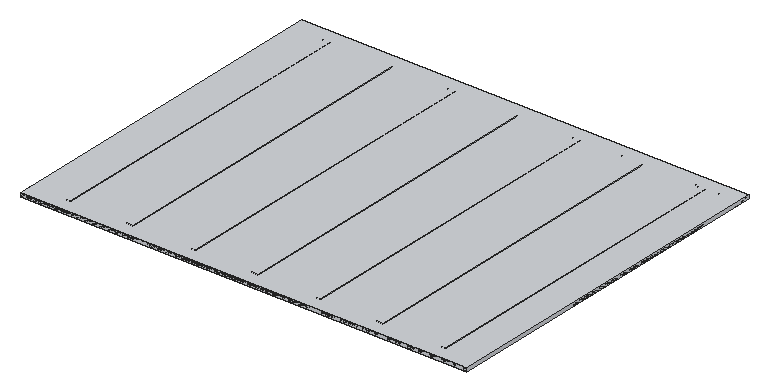
Revit family "GIS_BuildingRoof_MV", category Modelos genéricos, Revit 2027
Family settings
  Pode hospedar o vergalhão = Não
  Cota do conector redondo = Utilizar diâmetro
  Tipo de parte = Normal
  Com base no plano de trabalho = Não
  Sempre na vertical = Sim
  Corte com vazios quando carregada = Não
  Manter orientação da anotação = Não
  Compartilhado = Não
  Ponto de cálculo do ambiente = Não
Parameters (values of type "ROOF_MV_23M_EST")
  Elevação padrão = 0 mm
  BIM_TensaoSecundaria_kV = 0
  BIM_TensaoNominal_kV = 0
  BIM_TensaoClasse_kV = 0
  BIM_TensaoClasseSecundaria_kV = 0
  BIM_TensaoAuxiliarCA_kV = 0
  BIM_Sistema_Elemento [instance] = ""
  BIM_ReferenciaCatalogo = "Portfolio estimate; structural design, HVAC and weatherproofing pending"
  BIM_Profundidade = 18600 mm
  BIM_Potencia_MVA = 0
  BIM_Localizacao [instance] = ""
  BIM_Largura = 23600 mm
  BIM_Impedancia_pu = 0
  BIM_FonteGeometria = "Portfolio estimate; structural design, HVAC and weatherproofing pending"
  BIM_Fabricante = "NAO SELECIONADO"
  BIM_EstadoGeometria = "ESTIMATED"
  BIM_EstadoEspecificacao = "PREMISSA / NAO SELECIONADO"
  BIM_DescricaoEstudo = "Cobertura conceitual para edificio de cubiculos; estrutura, cargas, ventilacao e impermeabilizacao pendentes."
  BIM_CorrenteReferenciaSecundaria_A = 0
  BIM_CorrenteNominal_A = 0
  BIM_Bay [instance] = ""
  BIM_AlturaCorpoPrincipal = 180 mm
  BIM_Altura = 180 mm
Reference planes
  plane 1 "Centro (Frente/Trás)": y = 0
  plane 2: z = 0
  plane 3 "Centro (Esquerda/Direita)": x = 0
  plane 4 "BIM Left": x = -11800
  plane 5 "BIM Right": x = 11800
  plane 6 "BIM Front": y = -9300
  plane 7 "BIM Back": y = 9300
Forms (mm)
  Extrusion 1, solid
    sketch origin (0, 0, 0) x (1, 0, 0) y (0, 1, 0)
      loop
        line (-11800, -9300) -> (11800, -9300) -> (11800, 9300) -> (-11800, 9300) -> (-11800, -9300)
    from 0 to 180 <- "BIM_AlturaCorpoPrincipal"
  Extrusion 2, solid
    sketch origin (0, 0, 14.4) x (1, 0, 0) y (0, 1, 0)
      loop
        line (-11800, -9300) -> (11800, -9300) -> (11800, 9300) -> (-11800, 9300) -> (-11800, -9300)
    from 0 to 93.6
  Extrusion 3, solid
    sketch origin (0, 0, 108) x (1, 0, 0) y (0, 1, 0)
      loop
        line (-10079.4, -8556) -> (-9744.6, -8556) -> (-9744.6, 8556) -> (-10079.4, 8556) -> (-10079.4, -8556)
    from 0 to 61.2
  Extrusion 4, solid
    sketch origin (0, 0, 108) x (1, 0, 0) y (0, 1, 0)
      loop
        line (-6775.4, -8556) -> (-6440.6, -8556) -> (-6440.6, 8556) -> (-6775.4, 8556) -> (-6775.4, -8556)
    from 0 to 61.2
  Extrusion 5, solid
    sketch origin (0, 0, 108) x (1, 0, 0) y (0, 1, 0)
      loop
        line (-3471.4, -8556) -> (-3136.6, -8556) -> (-3136.6, 8556) -> (-3471.4, 8556) -> (-3471.4, -8556)
    from 0 to 61.2
  Extrusion 6, solid
    sketch origin (0, 0, 108) x (1, 0, 0) y (0, 1, 0)
      loop
        line (-167.4, -8556) -> (167.4, -8556) -> (167.4, 8556) -> (-167.4, 8556) -> (-167.4, -8556)
    from 0 to 61.2
  Extrusion 7, solid
    sketch origin (0, 0, 108) x (1, 0, 0) y (0, 1, 0)
      loop
        line (3136.6, -8556) -> (3471.4, -8556) -> (3471.4, 8556) -> (3136.6, 8556) -> (3136.6, -8556)
    from 0 to 61.2
  Extrusion 8, solid
    sketch origin (0, 0, 108) x (1, 0, 0) y (0, 1, 0)
      loop
        line (6440.6, -8556) -> (6775.4, -8556) -> (6775.4, 8556) -> (6440.6, 8556) -> (6440.6, -8556)
    from 0 to 61.2
  Extrusion 9, solid
    sketch origin (0, 0, 108) x (1, 0, 0) y (0, 1, 0)
      loop
        line (9744.6, -8556) -> (10079.4, -8556) -> (10079.4, 8556) -> (9744.6, 8556) -> (9744.6, -8556)
    from 0 to 61.2
  Extrusion 10, solid
    sketch origin (0, 0, 108) x (1, 0, 0) y (0, 1, 0)
      loop
        line (-11800, -9300) -> (11800, -9300) -> (11800, -8649) -> (-11800, -8649) -> (-11800, -9300)
    from 0 to 61.2
  Extrusion 11, solid
    sketch origin (0, 0, 108) x (1, 0, 0) y (0, 1, 0)
      loop
        line (-11800, 8649) -> (11800, 8649) -> (11800, 9300) -> (-11800, 9300) -> (-11800, 8649)
    from 0 to 61.2
Dimensions and locks
  "BIM_Largura": plane 4 "BIM Left" to plane 5 "BIM Right"
  "BIM_Profundidade": plane 6 "BIM Front" to plane 7 "BIM Back"
  aligned and locked: level to plane 2
  aligned and locked: plane 4 "BIM Left" to Extrusion 1
  aligned and locked: Extrusion 1 to plane 5 "BIM Right"
  aligned and locked: Extrusion 1 to plane 6 "BIM Front"
  aligned and locked: plane 7 "BIM Back" to Extrusion 1
Automatic sketch dimensions
  Extrusion 1 sketch curve to plane 4 "BIM Left" = 0 mm
  Extrusion 1 sketch curve to plane 5 "BIM Right" = 0 mm
  Extrusion 1 sketch curve to plane 6 "BIM Front" = 0 mm
  Extrusion 1 sketch curve to plane 7 "BIM Back" = 0 mm
  Extrusion 2 sketch curve to plane 4 "BIM Left" = 0 mm
  Extrusion 2 sketch curve to plane 5 "BIM Right" = 0 mm
  Extrusion 2 sketch curve to plane 6 "BIM Front" = 0 mm
  Extrusion 2 sketch curve to plane 7 "BIM Back" = 0 mm
  plane 6 "BIM Front" to Extrusion 3 sketch curve = 744 mm
  Extrusion 3 sketch curve to plane 4 "BIM Left" = 1720.6 mm
  Extrusion 3 sketch curve to Extrusion 3 sketch curve = 334.8 mm
  Extrusion 3 sketch curve to plane 7 "BIM Back" = 744 mm
  plane 6 "BIM Front" to Extrusion 4 sketch curve = 744 mm
  Extrusion 4 sketch curve to plane 4 "BIM Left" = 5024.6 mm
  Extrusion 4 sketch curve to Extrusion 4 sketch curve = 334.8 mm
  Extrusion 4 sketch curve to plane 7 "BIM Back" = 744 mm
  plane 6 "BIM Front" to Extrusion 5 sketch curve = 744 mm
  Extrusion 5 sketch curve to plane 3 "Centro (Esquerda/Direita)" = 3471.4 mm
  Extrusion 5 sketch curve to Extrusion 5 sketch curve = 334.8 mm
  Extrusion 5 sketch curve to plane 7 "BIM Back" = 744 mm
  Extrusion 6 sketch curve to plane 3 "Centro (Esquerda/Direita)" = 167.4 mm
  plane 3 "Centro (Esquerda/Direita)" to Extrusion 6 sketch curve = 167.4 mm
  plane 6 "BIM Front" to Extrusion 6 sketch curve = 744 mm
  Extrusion 6 sketch curve to plane 7 "BIM Back" = 744 mm
  plane 6 "BIM Front" to Extrusion 7 sketch curve = 744 mm
  plane 3 "Centro (Esquerda/Direita)" to Extrusion 7 sketch curve = 3136.6 mm
  Extrusion 7 sketch curve to Extrusion 7 sketch curve = 334.8 mm
  Extrusion 7 sketch curve to plane 7 "BIM Back" = 744 mm
  plane 6 "BIM Front" to Extrusion 8 sketch curve = 744 mm
  plane 5 "BIM Right" to Extrusion 8 sketch curve = 5359.4 mm
  Extrusion 8 sketch curve to Extrusion 8 sketch curve = 334.8 mm
  Extrusion 8 sketch curve to plane 7 "BIM Back" = 744 mm
  plane 6 "BIM Front" to Extrusion 9 sketch curve = 744 mm
  plane 5 "BIM Right" to Extrusion 9 sketch curve = 2055.4 mm
  Extrusion 9 sketch curve to Extrusion 9 sketch curve = 334.8 mm
  Extrusion 9 sketch curve to plane 7 "BIM Back" = 744 mm
  Extrusion 10 sketch curve to plane 4 "BIM Left" = 0 mm
  Extrusion 10 sketch curve to plane 5 "BIM Right" = 0 mm
  Extrusion 10 sketch curve to plane 6 "BIM Front" = 0 mm
  plane 6 "BIM Front" to Extrusion 10 sketch curve = 651 mm
  Extrusion 11 sketch curve to plane 4 "BIM Left" = 0 mm
  Extrusion 11 sketch curve to plane 5 "BIM Right" = 0 mm
  Extrusion 11 sketch curve to plane 7 "BIM Back" = 0 mm
  Extrusion 11 sketch curve to Extrusion 11 sketch curve = 651 mm
